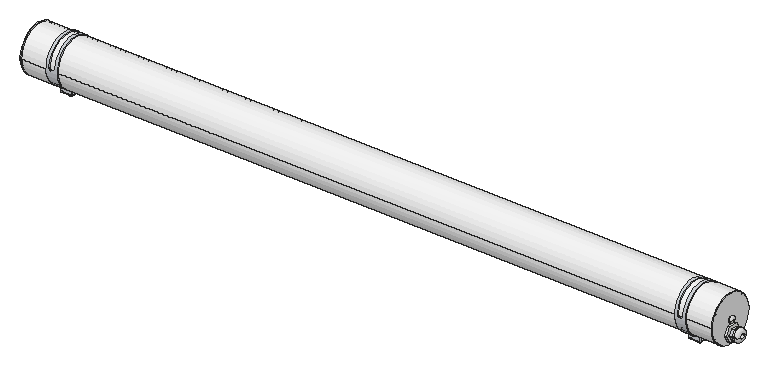
Revit family "0047582 Feilo Sylvania Lighting Fixture SYLPROOF TUBULAR LED 1X1500 EB NW", category Lighting Fixtures, host Face, Revit 2017
Family settings
  Host = Face
  Round Connector Dimension = Use Diameter
  Part Type = Normal
  OmniClass Number = 23.80.70.00
  OmniClass Title = Lighting
  Cut with Voids When Loaded = No
  Light Source = Yes
  Shared = No
  Room Calculation Point = No
Parameters (values of type "0047582 SYLPROOF TUBULAR LED 1X1500 EB NW")
  Weight = "2.9 kg"
  Wattage Comments = "n/a"
  Wattage = 32 W
  WarrantyStartDate [instance] = "n/a"
  WarrantyGuarantorParts = "n/a"
  WarrantyDurationUnit = "n/a"
  WarrantyDurationParts = "n/a"
  WarrantyDescription = "n/a"
  built-in parameter 1150110 = 1 (stored number, unit not read)
  Voltage = 230 V
  URL = "http://www.sylvania-lighting.com"
  TypeName = "SYLPROOF TUBULAR LED 1X1500 EB NW"
  Type Image = <None>
  Type Comments = "n/a"
  TubeDiameterOutside_FEILO = 100 mm
  TubeDiameterInside_FEILO = 96 mm
  built-in parameter 1114217 = 1 (stored number, unit not read)
  Tilt Angle = -90.00°
  built-in parameter 1150109 = 1 (stored number, unit not read)
  built-in parameter 1150134 = 12
  built-in parameter 1150113 = 1 (stored number, unit not read)
  SerialNumber [instance] = "n/a"
  ReflectorMaterial = Reflector-Sylvania-SylproofTubular-Illumination
  PowerFactor = 0
  PowerConsumption = "32 W"
  Photometric Web File = "0047582.ies"
  NominalLength = 1600 mm
  NominalHeight = 112 mm
  NominalDepth = 112 mm
  Name = "SYLPROOF TUBULAR LED 1X1500 EB NW"
  MountingHeight_FEILO = 64 mm
  ModelReference = Name  # "SYLPROOF TUBULAR LED 1X1500 EB NW"
  ModelNumber = "0047582"
  Model = Name  # "SYLPROOF TUBULAR LED 1X1500 EB NW"
  Material = "acrylic/pmma tube housing, acrylic/pmma diffuser"
  ManufacturerName = "Feilo Sylvania"
  Manufacturer = "Feilo Sylvania"
  LuminousEfficacy = "106.07 lm/W"
  built-in parameter 1150105 = 270.11 (stored number, unit not read)
  Lumens = 3394.24 lm
  LuminaireType = ""
  built-in parameter 1150115 = 1 (stored number, unit not read)
  LightOutputRatio = "100"
  TubeLength_FEILO = 1542 mm
  built-in parameter 1150137 = (empty or 0)
  built-in parameter 1150139 = (empty or 0)
  LampsType = Lamp  # "LED"
  LampNominalLuminous = "3352 lm"
  LampMacAdamStep = "n/a"
  LampColourTemperature = "4000 K"
  LampColourRenderingIndex = "0"
  built-in parameter 1150112 = 1 (stored number, unit not read)
  built-in parameter 1150114 = 1 (stored number, unit not read)
  Lamp = "LED"
  Keynote = "16500"
  InstallationDate [instance] = "n/a"
  InputVoltage = "220-240V~"
  InputNominalFrequency = "50/60 Hz"
  built-in parameter 1150132 = (empty or 0)
  built-in parameter 1150102 = (empty or 0)
  built-in parameter 1150107 = 4000 (stored number, unit not read)
  built-in parameter 1150138 = (empty or 0)
  IngressProtection = "IP66"
  ImpactProtectionIndex = "IK06"
  built-in parameter 1150106 = 2.7011 (stored number, unit not read)
  IfcExportType = "IfcLightFixtureType"
  IfcExportAs = "IfcLightFixtureType"
  Height_FEILO = 115 mm
  ExpectedLife = 50000
  Emit from Rectangle Width = TubeLength_FEILO - 20 mm  # 1522 mm
  Emit from Rectangle Length = 90 mm  # constant formula
  Emit Shape Visible in Rendering = no
  ElectricShockClassification = "Class I"
  built-in parameter 1150104 = 9.8542 (stored number, unit not read)
  DurationUnit = "hours"
  DocumentationLiterature = "http://www.sylvania-lighting.com/product/en-int/products/0047582"
  DimmingControlOptions = "Non dimmable"
  Dimming Lamp Color Temperature Shift = <None>
  DiffuserMaterial = Diffuser-Sylvania-SylproofTubular-Opal
  Description = "Aesthetically attractive and highly efficient LED tubular luminaire, opaque acrylic diffuser, stainless steel end caps and mounting brackets, rapid connector, as Sylvania Sylproof Tubular LED"
  Default Elevation = 1219.2 mm
  CreatedOn = "21/11/2017"
  CreatedBy = ""
  Cost = 0
  Color Filter = 16777215
  built-in parameter 1114216 [instance] = (empty or 0)
  ClassificationValue = "EF_70_80"
  ClassificationName = "Uniclass2015"
  BracketWidth_FEILO = 25 mm
  BracketDistance_FEILO = TubeLength_FEILO - 142 mm  # 1400 mm
  BodyMaterial = Body-Sylvania-SylproofTubular-Aluminium
  BarCode [instance] = "n/a"
  built-in parameter 1114218 = 1 (stored number, unit not read)
  built-in parameter 1150133 = 10 (stored number, unit not read)
  AssetType = "Fixed"
  AssetIdentifier [instance] = "n/a"
  Assembly Code = "D5020200"
  Apparent Load = 32 VA
  AccessoryMaterial = none
Reference planes
  plane 1 "Center (Front/Back)": y = 0
  plane 2: z = 0
  plane 3 "Center (Left/Right)": x = 0
  plane 4: x = 700
  plane 5: x = -700
  plane 6: x = 771
  plane 7: x = -771
  plane 8: x = 798
  plane 9: x = -769
  plane 10: x = 769
  plane 11: z = 64
  plane 12: z = 54
  plane 13: y = 14
  plane 14: y = -14
  plane 15: y = -42
  plane 16: y = 42
  plane 17: x = 757
  plane 18: x = -757
  plane 19: x = 774.8
  plane 20: x = -774.8
  plane 21: y = 6.4
  plane 22: y = -6.4
  plane 23: y = 2
  plane 24: x = 778.1
  plane 25: x = -778.1
  plane 26: z = 38
  plane 27: z = 54
  plane 28: z = 22
  plane 29: x = 787.1
  plane 30: x = 790.6
  plane 31: z = 115
Forms (mm)
  Extrusion 1, solid, material "Diffuser-Sylvania-SylproofTubular-Opal" <- "DiffuserMaterial"
    sketch origin (0, 0, 0) x (0, 1, 0) y (0, 0, 1)
      loop
        circle (0, 64) r 50
      loop
        circle (0, 64) r 48
    from -769 to 769
  Extrusion 2, solid, material "Reflector-Sylvania-SylproofTubular-Illumination" <- "ReflectorMaterial", detail levels medium+fine
    sketch origin (0, 0, 0) x (0, 1, 0) y (0, 0, 1)
      loop
        line (14, 54) -> (42, 64) -> (41.664, 64.942) -> (13.827, 55) -> (-13.827, 55) -> (-41.664, 64.942) -> (-42, 64) -> (-14, 54) -> (14, 54)
    from -757 to 757
  Extrusion 3, solid, material "Body-Sylvania-SylproofTubular-Aluminium" <- "BodyMaterial"
    sketch origin (769, 1524, 1219.2) x (0, 1, 0) y (0, 0, 1)
      loop
        circle (-1524, -1155.2) r 50
    from 0 to 2
  Extrusion 4, solid, material "Body-Sylvania-SylproofTubular-Aluminium" <- "BodyMaterial"
    sketch origin (-769, 1524, 1219.2) x (0, 1, 0) y (0, 0, 1)
      loop
        circle (-1524, -1155.2) r 50
    from -2 to 0
  Revolve 5, solid, material "Body-Sylvania-SylproofTubular-Aluminium" <- "BodyMaterial", detail levels fine
    sketch origin (0, 1219.2, 64) x (1, 0, 0) y (0, 1, 0)
      loop
        line (-778.1, -1219.2) -> (-771, -1219.2) -> (-771, -1212.8) -> (-774.8, -1212.8)
        arc (-774.8, -1212.8) -> (-777.183, -1214.45) -> (-778.1, -1217.2) r 4.583
        line (-778.1, -1217.2) -> (-778.1, -1219.2)
      axis (-771, -1219.2) -> (-778.1, -1219.2)
    angle from 360 to 0
  Revolve 6, solid, material "Body-Sylvania-SylproofTubular-Aluminium" <- "BodyMaterial", detail levels fine
    sketch origin (0, 1219.2, 64) x (1, 0, 0) y (0, 1, 0)
      loop
        line (778.1, -1219.2) -> (778.1, -1217.2)
        arc (778.1, -1217.2) -> (777.183, -1214.45) -> (774.8, -1212.8) r 4.583
        line (774.8, -1212.8) -> (771, -1212.8) -> (771, -1219.2) -> (778.1, -1219.2)
      axis (778.1, -1219.2) -> (771, -1219.2)
    angle from 360 to 0
  Extrusion 7, solid, material "Body-Sylvania-SylproofTubular-Aluminium" <- "BodyMaterial", detail levels medium+fine
    sketch origin (771, 1524, 1219.2) x (0, 1, 0) y (0, 0, 1)
      loop
        line (-1533.174, -1165.2) -> (-1542.475, -1181.089) -> (-1533.302, -1197.2) -> (-1514.826, -1197.2) -> (-1505.525, -1181.311) -> (-1514.698, -1165.2) -> (-1533.174, -1165.2)
    from 0 to 7.1
  Extrusion 8, solid, detail levels medium+fine
    sketch origin (778.1, 1524, 1219.2) x (0, 1, 0) y (0, 0, 1)
      loop
        line (-1530.892, -1169.262) -> (-1537.785, -1181.2) -> (-1530.892, -1193.138) -> (-1517.108, -1193.138) -> (-1510.215, -1181.2) -> (-1517.108, -1169.262) -> (-1530.892, -1169.262)
    from 0 to 9
  Revolve 9, solid, material "Body-Sylvania-SylproofTubular-Aluminium" <- "BodyMaterial", detail levels medium+fine
    sketch origin (0, 1219.2, 38) x (1, 0, 0) y (0, 1, 0)
      loop
        line (787.1, -1205.415) -> (787.1, -1212.8) -> (798, -1212.8)
        arc (798, -1212.8) -> (795.837, -1207.578) -> (790.615, -1205.415) r 7.385
        line (790.615, -1205.415) -> (787.1, -1205.415)
      axis (798, -1219.2) -> (787.1, -1219.2)
    angle from 360 to 0
Dimensions and locks
  equal spacing: plane 5, plane 3 "Center (Left/Right)", plane 4
  "BracketDistance_FEILO": plane 5 to plane 4
  equal spacing: plane 7, plane 3 "Center (Left/Right)", plane 6  (x2)
  "TubeLength_FEILO": plane 7 to plane 6
  locked: plane 6 to plane 8 at 27
  equal spacing: plane 9, plane 3 "Center (Left/Right)", plane 10
  locked: plane 7 to plane 9 at 2
  "MountingHeight_FEILO": plane 11 to plane 2
  locked: plane 12 to plane 11 at 10
  equal spacing: plane 14, plane 1 "Center (Front/Back)", plane 13
  locked: plane 14 to plane 1 "Center (Front/Back)" at 14
  equal spacing: plane 15, plane 1 "Center (Front/Back)", plane 16
  locked: plane 15 to plane 1 "Center (Front/Back)" at 42
  locked: plane 12 to Extrusion 2 sketch curve at 1
  locked: Extrusion 2 sketch curve to Extrusion 2 sketch curve at 1  (x2)
  equal spacing: plane 18, plane 3 "Center (Left/Right)", plane 17
  locked: plane 9 to plane 18 at 12
  equal spacing: plane 20, plane 3 "Center (Left/Right)", plane 19
  locked: plane 20 to plane 7 at 3.8
  equal spacing: plane 22, plane 1 "Center (Front/Back)", plane 21
  locked: plane 22 to plane 21 at 12.8
  locked: plane 1 "Center (Front/Back)" to plane 23 at 2
  equal spacing: plane 25, plane 3 "Center (Left/Right)", plane 24
  locked: plane 25 to plane 7 at 7.1
  locked: plane 26 to plane 11 at 26
  equal spacing: plane 28, plane 26, plane 27
  locked: plane 26 to plane 27 at 16
  locked: Extrusion 7 sketch curve to Extrusion 7 sketch curve at 32.001  (x2)
  locked: plane 24 to plane 29 at 9
  locked: plane 26 to Extrusion 8 sketch curve at 11.938
  locked: Extrusion 8 sketch curve to plane 26 at 11.938
  locked: Extrusion 8 sketch curve to Extrusion 8 sketch curve at 23.876  (x2)
  locked: Extrusion 8 sketch curve to plane 1 "Center (Front/Back)" at 13.785
  locked: plane 1 "Center (Front/Back)" to Extrusion 8 sketch curve at 13.785
  locked: plane 29 to plane 30 at 3.5
  "Height_FEILO": plane 31 to plane 2
  "TubeDiameterOutside_FEILO": diameter of Extrusion 1 sketch curve
  "TubeDiameterInside_FEILO": diameter of Extrusion 1 sketch curve
  aligned and locked: plane 2 to host face
  aligned and locked: level to host face
  aligned and locked: plane 10 to Extrusion 1
  aligned and locked: Extrusion 1 to plane 9
  aligned and locked: plane 13 to Extrusion 2 sketch curve
  aligned and locked: Extrusion 2 sketch curve to plane 12
  aligned and locked: plane 11 to Extrusion 2 sketch curve
  aligned and locked: plane 15 to Extrusion 2 sketch curve
  aligned and locked: plane 17 to Extrusion 2
  aligned and locked: Extrusion 2 to plane 18
  aligned and locked: plane 11 to Extrusion 1 sketch curve  (x2)
  aligned and locked: plane 1 "Center (Front/Back)" to Extrusion 1 sketch curve  (x2)
  aligned and locked: Extrusion 3 sketch curve to Extrusion 1  (x2)
  aligned and locked: plane 6 to Extrusion 3
  aligned and locked: Extrusion 3 to plane 10
  aligned and locked: Extrusion 4 sketch curve to Extrusion 3  (x2)
  aligned and locked: Extrusion 4 to plane 7
  aligned and locked: plane 9 to Extrusion 4
  aligned and locked: Revolve 5 sketch curve to Extrusion 4
  aligned and locked: plane 1 "Center (Front/Back)" to Revolve 5 sketch curve
  aligned and locked: plane 20 to Revolve 5 sketch curve
  aligned and locked: Revolve 5 sketch curve to plane 21
  aligned and locked: Revolve 5 sketch curve to plane 1 "Center (Front/Back)"
  aligned and locked: plane 23 to Revolve 6 sketch curve
  aligned and locked: Revolve 6 sketch curve to Extrusion 3
  aligned and locked: plane 1 "Center (Front/Back)" to Revolve 6 sketch curve
  aligned and locked: Revolve 6 sketch curve to plane 21
  aligned and locked: Revolve 6 sketch curve to plane 1 "Center (Front/Back)"
  aligned and locked: plane 25 to Revolve 5 sketch curve
  aligned and locked: plane 24 to Revolve 6 sketch curve
  aligned and locked: Extrusion 7 sketch curve to plane 27
  aligned and locked: plane 28 to Extrusion 7 sketch curve
  aligned and locked: plane 24 to Extrusion 7
  aligned and locked: Extrusion 7 to plane 6
  aligned and locked: plane 29 to Extrusion 8
  aligned and locked: Extrusion 8 to plane 24
  aligned and locked: Revolve 9 sketch curve to plane 1 "Center (Front/Back)"
  aligned and locked: Extrusion 8 to Revolve 9 sketch curve
  aligned and locked: Revolve 9 sketch curve to Extrusion 8
  aligned and locked: plane 8 to Revolve 9 sketch curve
  aligned and locked: plane 21 to Revolve 9 sketch curve
  aligned and locked: imposter light to plane 31
  aligned and locked: imposter light to plane 3 "Center (Left/Right)"
  aligned and locked: imposter light to plane 1 "Center (Front/Back)"
  aligned and locked: plane 1 "Center (Front/Back)" to nested 2
  aligned and locked: plane 1 "Center (Front/Back)" to nested 1
  aligned and locked: plane 5 to nested 1
  aligned and locked: plane 4 to nested 2
Automatic sketch dimensions
  host sketch curve to host sketch curve = 2438.4 mm  (x2)
  Extrusion 2 sketch curve to plane 14 = 0 mm
  Extrusion 2 sketch curve to plane 16 = 0 mm
  plane 11 to Extrusion 2 sketch curve = 0 mm
  plane 23 to Revolve 5 sketch curve = 0 mm
  Revolve 5 sketch curve to plane 25 = 1195.9 mm
  plane 8 to Revolve 5 sketch curve = 1176 mm
  Revolve 6 sketch curve to plane 19 = 0 mm
  Revolve 6 sketch curve to plane 25 = 1195.9 mm
  plane 8 to Revolve 6 sketch curve = 1176 mm
  Extrusion 7 sketch curve to plane 26 = 0.111 mm
  plane 14 to Extrusion 7 sketch curve = 4.475 mm
  plane 22 to Extrusion 7 sketch curve = 2.902 mm
  plane 22 to Extrusion 7 sketch curve = 2.774 mm
  plane 26 to Extrusion 8 sketch curve = 0 mm  (x2)
  Revolve 9 sketch curve to plane 25 = 1195.9 mm
  plane 8 to Revolve 9 sketch curve = 1176 mm
Nested families
  nested 1: "SylproofTubularMountingRing" at (-700, 0, 0), type "SylproofTubularMountingRing"
  nested 2: "SylproofTubularMountingRing" at (700, 0, 0), type "SylproofTubularMountingRing"
Connectors
  electrical at (0, 0, 0), driven by "Apparent Load", driven by "PowerFactor", driven by "Voltage"
    settings: index 1, voltage 230 V, apparent load 32 VA, apparent load phase1 0 VA, apparent load phase2 0 VA, apparent load phase3 0 VA, power factor 0, load classification "Lighting", number of poles 1, system type 30, power factor state 1, is connector primary yes, connector utility no, sub classification motor no, connector description ""
Definition of nested family "SylproofTubularMountingRing"
  Parameters (values of type "SylproofTubularMountingRing")
    URL = "http://www.feilosylvania.com"
    Type Image = (empty or 0)
    Type Comments = "n/a"
    TubeRadius_FEILO = 50 mm
    TubeDiameter_FEILO = TubeRadius_FEILO * 2  # 100 mm
    Model = ""
    Manufacturer = "Feilo Sylvania"
    Length_FEILO = 1000 mm
    Keynote = ""
    Height_FEILO = 3 mm
    Description = ""
    Default Elevation = 1219.2 mm
    CutOutWidth_FEILO = BracketWidth_FEILO / 2  # 12.5 mm
    CutOutRadius_FEILO = CutOutWidth_FEILO / 2  # 6.25 mm
    Cost = 0
    ClassificationValue = ""
    ClassificationName = ""
    BracketWidth_FEILO = 25 mm
    BracketThickness_FEILO = 1 mm
    BracketOuterCircleRadis_FEILO = TubeRadius_FEILO + BracketThickness_FEILO  # 51 mm
    BodyMaterial = none
    Assembly Code = ""
  Reference planes
    plane 1 "Center (Front/Back)": y = 0
    plane 2: z = 0
    plane 3 "Center (Left/Right)": x = 0
    plane 4: x = 12.5
    plane 5: x = -12.5
    plane 6: y = 50
    plane 7: y = -50
    plane 8: z = 115
    plane 9: z = 114
    plane 10: y = -51
    plane 11: y = 51
    plane 12: z = 14
    plane 13: z = 64
    plane 14: y = 10
    plane 15: y = -10
    plane 16: y = 11
    plane 17: z = 1
    plane 18: y = -11
    plane 19: x = 6.25
    plane 20: x = -6.25
    plane 21: z = 70.25
    plane 22: y = 54
    plane 23: y = -54
    plane 24: z = 120
  Forms (mm)
    Extrusion 1, solid
      sketch origin (4.2, 0, 0) x (1, 0, 0) y (0, 1, 0)
        loop
          line (-1219.2, 1219.2) -> (-1219.2, -1219.2) -> (1219.2, -1219.2) -> (1219.2, 1219.2) -> (-1219.2, 1219.2)
      from 0 to -68.017
    Extrusion 2, solid
      sketch origin (0, 0, 0) x (0, 1, 0) y (0, 0, 1)
        loop
          arc (9, 1) -> (9.707, 1.293) -> (10, 2) r 1
          line (10, 2) -> (10, 13.435)
          arc (10, 13.435) -> (10.423, 14.651) -> (11.509, 15.343) r 1.96
          arc (11.509, 15.343) -> (0.015, 114) -> (-11.538, 15.35) r 50
          arc (-11.538, 15.35) -> (-10.431, 14.644) -> (-10, 13.404) r 2
          line (-10, 13.404) -> (-10, 2)
          arc (-10, 2) -> (-9.707, 1.293) -> (-9, 1) r 1
          line (-9, 1) -> (9, 1)
        loop
          arc (9, 0) -> (10.414, 0.586) -> (11, 2) r 2
          line (11, 2) -> (11, 13.404)
          arc (11, 13.404) -> (11.216, 14.024) -> (11.769, 14.377) r 1
          arc (11.769, 14.377) -> (0, 115) -> (-11.769, 14.377) r 51
          arc (-11.769, 14.377) -> (-11.216, 14.024) -> (-11, 13.404) r 1
          line (-11, 13.404) -> (-11, 2)
          arc (-11, 2) -> (-10.414, 0.586) -> (-9, 0) r 2
          line (-9, 0) -> (9, 0)
      from -12.5 to 12.5
    Extrusion 3, void
      sketch origin (0, 0, 0) x (1, 0, 0) y (0, 0, 1)
        loop
          line (-6.25, 120) -> (-6.25, 70.25)
          arc (-6.25, 70.25) -> (0, 64) -> (6.25, 70.25) r 6.25
          line (6.25, 70.25) -> (6.25, 120) -> (-6.25, 120)
      from -54 to 54
  Cuts and joins
    Extrusion 3 cuts Extrusion 2
  Lines and regions (mm)
    reference lines
      curve 1: circle (0, 0, 64) r 50 normal (1, 0, 0)
      curve 2: circle (0, 0, 64) r 51 normal (-1, 0, 0)
  Dimensions and locks
    equal spacing: plane 5, plane 3 "Center (Left/Right)", plane 4
    "BracketWidth_FEILO": plane 5 to plane 4
    equal spacing: plane 7, plane 1 "Center (Front/Back)", plane 6
    "TubeRadius_FEILO": plane 7 to plane 1 "Center (Front/Back)"
    locked: plane 8 to plane 2 at 115
    "BracketThickness_FEILO": plane 9 to plane 8
    equal spacing: plane 10, plane 1 "Center (Front/Back)", plane 11
    "BracketThickness_FEILO": plane 10 to plane 7
    "TubeDiameter_FEILO": plane 12 to plane 9
    "TubeRadius_FEILO": plane 12 to plane 13
    equal spacing: plane 15, plane 1 "Center (Front/Back)", plane 14
    locked: plane 15 to plane 1 "Center (Front/Back)" at 10
    "BracketThickness_FEILO": plane 17 to plane 2
    "BracketThickness_FEILO": plane 18 to plane 15
    equal spacing: plane 18, plane 1 "Center (Front/Back)", plane 16
    equal spacing: plane 19, plane 3 "Center (Left/Right)", plane 20
    "CutOutWidth_FEILO": plane 19 to plane 20
    "CutOutRadius_FEILO": plane 21 to plane 13
    plane 23 to plane 1 "Center (Front/Back)" to plane 22 = 54 mm locked, 54 mm locked
    locked: plane 24 to level at 120
    "TubeRadius_FEILO": radius of curve 1
    "BracketOuterCircleRadis_FEILO": radius of curve 2
    "BracketOuterCircleRadis_FEILO": radius of Extrusion 2 sketch curve
    "TubeRadius_FEILO": radius of Extrusion 2 sketch curve
    aligned and locked: plane 2 to Extrusion 1
    aligned and locked: level to Extrusion 1
    aligned and locked: plane 1 "Center (Front/Back)" to curve 1
    aligned and locked: plane 13 to curve 1
    aligned and locked: plane 1 "Center (Front/Back)" to curve 2
    aligned and locked: plane 13 to curve 2
    aligned and locked: Extrusion 2 sketch curve to plane 17
    aligned and locked: Extrusion 2 sketch curve to plane 15
    aligned and locked: Extrusion 2 sketch curve to plane 18
    aligned and locked: Extrusion 2 sketch curve to plane 14
    aligned and locked: Extrusion 2 sketch curve to plane 16
    aligned and locked: plane 4 to Extrusion 2
    aligned and locked: Extrusion 2 to plane 5
    aligned and locked: plane 20 to Extrusion 3 sketch curve
    aligned and locked: Extrusion 3 sketch curve to plane 19
    aligned and locked: plane 3 "Center (Left/Right)" to Extrusion 3 sketch curve
    aligned and locked: plane 21 to Extrusion 3 sketch curve  (x3)
    aligned and locked: plane 23 to Extrusion 3
    aligned and locked: Extrusion 3 to plane 22
    aligned and locked: plane 24 to Extrusion 3 sketch curve
  Automatic sketch dimensions
    Extrusion 1 sketch curve to Extrusion 1 sketch curve = 2438.4 mm  (x2)
    Extrusion 2 sketch curve to Extrusion 2 sketch curve = 0 mm  (x8)
    Extrusion 2 sketch curve to plane 1 "Center (Front/Back)" = 0 mm
    plane 13 to Extrusion 2 sketch curve = 0 mm
    Extrusion 2 sketch curve to plane 15 = 1 mm
    plane 14 to Extrusion 2 sketch curve = 1 mm
    Extrusion 2 sketch curve to Extrusion 2 sketch curve = 1 mm
    Extrusion 2 sketch curve to Extrusion 2 sketch curve = 0.04 mm
    plane 12 to Extrusion 2 sketch curve = 0.596 mm
    plane 12 to Extrusion 2 sketch curve = 0.565 mm
    Extrusion 2 sketch curve to Extrusion 2 sketch curve = 0.031 mm
  Connectors
    electrical at (0, 0, 0)
      settings: index 1, voltage 24 V, apparent load 72 VA, apparent load phase1 0 VA, apparent load phase2 0 VA, apparent load phase3 0 VA, power factor 0, load classification none, number of poles 1, system type 30, power factor state 1, is connector primary yes, connector utility no, sub classification motor no, connector description ""
